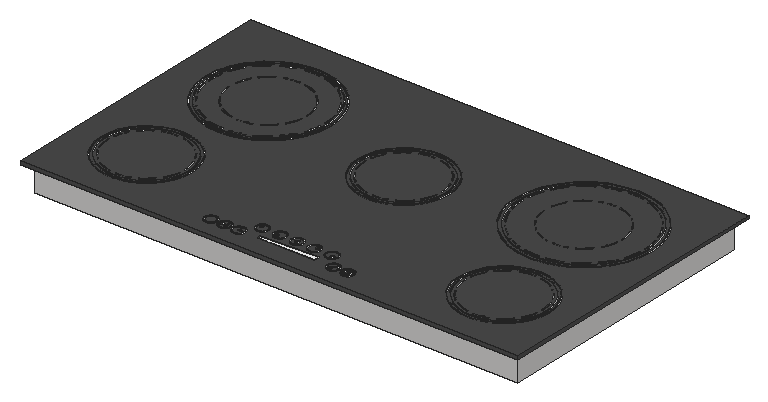
Revit family "QF_Summit_CR5B36T9B_Electric Cooktop", category Specialty Equipment, Revit 2020 (continued)
Forms (in)
  Extrusion 2, solid, material "QF_Plastic_White_Smooth"
    sketch origin (-1.19104, -180, 1.88) x (-1, 0, 0) y (0, -1, 0)
      loop
        line (-34.29842, -171.95371) -> (-34.32775, -171.94291)
        arc (-34.32775, -171.94291) -> (-34.4786, -172.44171) -> (-34.56954, -172.95482) r 4.40804
        line (-34.56954, -172.95482) -> (-34.5385, -172.95844)
        arc (-34.5385, -172.95844) -> (-34.44821, -172.44897) -> (-34.29842, -171.95371) r 4.37679
      loop
        line (-34.14463, -171.51637) -> (-34.1166, -171.53019)
        arc (-34.1166, -171.53019) -> (-33.85007, -171.0642) -> (-33.5285, -170.63435) r 4.37679
        line (-33.5285, -170.63435) -> (-33.55067, -170.61218)
        arc (-33.55067, -170.61218) -> (-33.87549, -171.04598) -> (-34.14463, -171.51637) r 4.40804
      loop
        line (-33.22787, -170.27088) -> (-33.20577, -170.29298)
        arc (-33.20577, -170.29298) -> (-32.80673, -169.9568) -> (-32.37053, -169.67049) r 4.37679
        line (-32.37053, -169.67049) -> (-32.38609, -169.64339)
        arc (-32.38609, -169.64339) -> (-32.82573, -169.93198) -> (-33.22787, -170.27088) r 4.40804
      loop
        line (-31.97301, -169.43426) -> (-31.96038, -169.46284)
        arc (-31.96038, -169.46284) -> (-31.46574, -169.27903) -> (-30.95258, -169.15608) r 4.37679
        line (-30.95258, -169.15608) -> (-30.95802, -169.12531)
        arc (-30.95802, -169.12531) -> (-31.47484, -169.24914) -> (-31.97301, -169.43426) r 4.40804
      loop
        line (-30.51017, -169.06966) -> (-30.51017, -169.101)
        arc (-30.51017, -169.101) -> (-29.96866, -169.09503) -> (-29.43056, -169.15597) r 4.37679
        line (-29.43056, -169.15597) -> (-29.42512, -169.1252)
        arc (-29.42512, -169.1252) -> (-29.96593, -169.06387) -> (-30.51017, -169.06966) r 4.40804
      loop
        line (-28.98266, -169.22703) -> (-28.99123, -169.25709)
        arc (-28.99123, -169.25709) -> (-28.49497, -169.43144) -> (-28.02322, -169.66406) r 4.37679
        line (-28.02322, -169.66406) -> (-28.00774, -169.63691)
        arc (-28.00774, -169.63691) -> (-28.48286, -169.40263) -> (-28.98266, -169.22703) r 4.40804
      loop
        line (-27.61659, -169.88817) -> (-27.63484, -169.91354)
        arc (-27.63484, -169.91354) -> (-27.21679, -170.25541) -> (-26.84402, -170.64617) r 4.37679
        line (-26.84402, -170.64617) -> (-26.82184, -170.62399)
        arc (-26.82184, -170.62399) -> (-27.19653, -170.23158) -> (-27.61659, -169.88817) r 4.40804
      loop
        line (-26.07387, -171.98176) -> (-26.04447, -171.97116)
        arc (-26.04447, -171.97116) -> (-26.26009, -171.47198) -> (-26.53552, -171.00315) r 4.40804
        line (-26.53552, -171.00315) -> (-26.56143, -171.02061)
        arc (-26.56143, -171.02061) -> (-26.28795, -171.48612) -> (-26.07387, -171.98176) r 4.37679
      loop
        line (-27.84942, -174.84724) -> (-27.8225, -174.86311)
        arc (-27.8225, -174.86311) -> (-27.61447, -174.42672) -> (-27.48608, -173.96065) r 2.75
        line (-27.48608, -173.96065) -> (-27.51682, -173.95503)
        arc (-27.51682, -173.95503) -> (-27.64376, -174.41581) -> (-27.84942, -174.84724) r 2.71875
      loop
        line (-27.4778, -173.29661) -> (-27.44649, -173.29661)
        arc (-27.44649, -173.29661) -> (-27.49762, -172.91224) -> (-27.6023, -172.53889) r 2.75
        line (-27.6023, -172.53889) -> (-27.63172, -172.54942)
        arc (-27.63172, -172.54942) -> (-27.52842, -172.91759) -> (-27.4778, -173.29661) r 2.71875
      loop
        line (-28.43483, -171.35015) -> (-28.45479, -171.37419)
        arc (-28.45479, -171.37419) -> (-28.10347, -171.72467) -> (-27.82171, -172.13316) r 2.71875
        line (-27.82171, -172.13316) -> (-27.79448, -172.11784)
        arc (-27.79448, -172.11784) -> (-28.07948, -171.70465) -> (-28.43483, -171.35015) r 2.75
      loop
        line (-29.71864, -170.75707) -> (-29.72401, -170.78785)
        arc (-29.72401, -170.78785) -> (-29.24876, -170.91599) -> (-28.80441, -171.12772) r 2.71875
        line (-28.80441, -171.12772) -> (-28.78847, -171.10084)
        arc (-28.78847, -171.10084) -> (-29.23793, -170.88668) -> (-29.71864, -170.75707) r 2.75
      loop
        line (-31.13091, -170.88167) -> (-31.12024, -170.91104)
        arc (-31.12024, -170.91104) -> (-30.65344, -170.78698) -> (-30.17205, -170.74747) r 2.71875
        line (-30.17205, -170.74747) -> (-30.17205, -170.71622)
        arc (-30.17205, -170.71622) -> (-30.65886, -170.7562) -> (-31.13091, -170.88167) r 2.75
      loop
        line (-32.29968, -171.70063) -> (-32.27749, -171.72282)
        arc (-32.27749, -171.72282) -> (-31.93612, -171.3812) -> (-31.53969, -171.10537) r 2.71875
        line (-31.53969, -171.10537) -> (-31.55519, -171.07823)
        arc (-31.55519, -171.07823) -> (-31.95511, -171.35633) -> (-32.29968, -171.70063) r 2.75
      loop
        line (-32.90442, -173.01756) -> (-32.87359, -173.02266)
        arc (-32.87359, -173.02266) -> (-32.74865, -172.54348) -> (-32.53888, -172.09492) r 2.71875
        line (-32.53888, -172.09492) -> (-32.56586, -172.07916)
        arc (-32.56586, -172.07916) -> (-32.77805, -172.53288) -> (-32.90442, -173.01756) r 2.75
      loop
        line (-32.76418, -174.43702) -> (-32.73494, -174.42599)
        arc (-32.73494, -174.42599) -> (-32.86588, -173.95399) -> (-32.91001, -173.46615) r 2.71875
        line (-32.91001, -173.46615) -> (-32.94126, -173.46615)
        arc (-32.94126, -173.46615) -> (-32.89662, -173.95959) -> (-32.76418, -174.43702) r 2.75
      loop
        line (-31.91687, -175.60736) -> (-31.89726, -175.58302)
        arc (-31.89726, -175.58302) -> (-32.26827, -175.22046) -> (-32.56367, -174.79404) r 2.71875
        line (-32.56367, -174.79404) -> (-32.59093, -174.8093)
        arc (-32.59093, -174.8093) -> (-32.29214, -175.24063) -> (-31.91687, -175.60736) r 2.75
      loop
        line (-30.64157, -176.17903) -> (-30.63645, -176.1482)
        arc (-30.63645, -176.1482) -> (-31.11903, -176.0217) -> (-31.57036, -175.80916) r 2.71875
        line (-31.57036, -175.80916) -> (-31.58621, -175.83609)
        arc (-31.58621, -175.83609) -> (-31.12969, -176.05108) -> (-30.64157, -176.17903) r 2.75
      loop
        line (-30.2544, -176.18417) -> (-30.2544, -176.21543)
        arc (-30.2544, -176.21543) -> (-29.734, -176.17787) -> (-29.23006, -176.0427) r 2.75
        line (-29.23006, -176.0427) -> (-29.24098, -176.01342)
        arc (-29.24098, -176.01342) -> (-29.73955, -176.14712) -> (-30.2544, -176.18417) r 2.71875
      loop
        line (-28.84114, -175.82598) -> (-28.82562, -175.85311)
        arc (-28.82562, -175.85311) -> (-28.41873, -175.56869) -> (-28.06961, -175.21576) r 2.75
        line (-28.06961, -175.21576) -> (-28.09372, -175.19587)
        arc (-28.09372, -175.19587) -> (-28.43887, -175.5448) -> (-28.84114, -175.82598) r 2.71875
      loop
        circle (-31.68887, -164.48395) r 3.25
      loop
        circle (-31.68887, -164.48395) r 3.1875
      loop
        circle (-31.68887, -164.48395) r 3.01918
      loop
        circle (-31.68887, -164.48395) r 2.98793
      loop
        line (-33.45979, -166.62178) -> (-33.43759, -166.59958)
        arc (-33.43759, -166.59958) -> (-33.7956, -166.24339) -> (-34.08229, -165.82764) r 2.7448
        line (-34.08229, -165.82764) -> (-34.10954, -165.84294)
        arc (-34.10954, -165.84294) -> (-33.82054, -166.26228) -> (-33.45979, -166.62178) r 2.77605
      loop
        line (-34.3044, -165.41426) -> (-34.27495, -165.40379)
        arc (-34.27495, -165.40379) -> (-34.3954, -164.9407) -> (-34.4336, -164.46374) r 2.7448
        line (-34.4336, -164.46374) -> (-34.46485, -164.46374)
        arc (-34.46485, -164.46374) -> (-34.4262, -164.94602) -> (-34.3044, -165.41426) r 2.77605
      loop
        line (-34.4247, -164.01308) -> (-34.3939, -164.01838)
        arc (-34.3939, -164.01838) -> (-34.26734, -163.54298) -> (-34.05795, -163.0978) r 2.7448
        line (-34.05795, -163.0978) -> (-34.08492, -163.08202)
        arc (-34.08492, -163.08202) -> (-34.29669, -163.53226) -> (-34.4247, -164.01308) r 2.77605
      loop
        line (-33.81692, -162.70129) -> (-33.79473, -162.72347)
        arc (-33.79473, -162.72347) -> (-33.45702, -162.38453) -> (-33.06559, -162.10938) r 2.7448
        line (-33.06559, -162.10938) -> (-33.08126, -162.08235)
        arc (-33.08126, -162.08235) -> (-33.47609, -162.35973) -> (-33.81692, -162.70129) r 2.77605
      loop
        line (-32.65426, -161.88117) -> (-32.64339, -161.91047)
        arc (-32.64339, -161.91047) -> (-32.17903, -161.78327) -> (-31.69958, -161.73917) r 2.7448
        line (-31.69958, -161.73917) -> (-31.69958, -161.70792)
        arc (-31.69958, -161.70792) -> (-32.18455, -161.75251) -> (-32.65426, -161.88117) r 2.77605
      loop
        line (-31.26531, -161.7404) -> (-31.27007, -161.77129)
        arc (-31.27007, -161.77129) -> (-30.75927, -161.90136) -> (-30.28276, -162.12667) r 2.7448
        line (-30.28276, -162.12667) -> (-30.26675, -162.09983)
        arc (-30.26675, -162.09983) -> (-30.74869, -161.87195) -> (-31.26531, -161.7404) r 2.77605
      loop
        line (-29.9236, -162.34145) -> (-29.9458, -162.36365)
        arc (-29.9458, -162.36365) -> (-29.5836, -162.72277) -> (-29.29409, -163.14269) r 2.7448
        line (-29.29409, -163.14269) -> (-29.26682, -163.12742)
        arc (-29.26682, -163.12742) -> (-29.55865, -162.70389) -> (-29.9236, -162.34145) r 2.77605
      loop
        line (-29.08193, -163.52983) -> (-29.11128, -163.54057)
        arc (-29.11128, -163.54057) -> (-28.98314, -164.02247) -> (-28.9443, -164.51959) r 2.7448
        line (-28.9443, -164.51959) -> (-28.91304, -164.51959)
        arc (-28.91304, -164.51959) -> (-28.95237, -164.01701) -> (-29.08193, -163.52983) r 2.77605
      loop
        line (-28.95269, -164.95278) -> (-28.98349, -164.9475)
        arc (-28.98349, -164.9475) -> (-29.11133, -165.42749) -> (-29.32359, -165.87657) r 2.7448
        line (-29.32359, -165.87657) -> (-29.29666, -165.89243)
        arc (-29.29666, -165.89243) -> (-29.08199, -165.43823) -> (-28.95269, -164.95278) r 2.77605
      loop
        line (-29.553, -166.25724) -> (-29.57705, -166.23728)
        arc (-29.57705, -166.23728) -> (-29.91323, -166.57705) -> (-30.30327, -166.85335) r 2.7448
        line (-30.30327, -166.85335) -> (-30.28749, -166.88033)
        arc (-30.28749, -166.88033) -> (-29.89302, -166.60088) -> (-29.553, -166.25724) r 2.77605
      loop
        line (-30.72993, -167.08912) -> (-30.74072, -167.05979)
        arc (-30.74072, -167.05979) -> (-31.22208, -167.18877) -> (-31.71881, -167.22859) r 2.7448
        line (-31.71881, -167.22859) -> (-31.71881, -167.25984)
        arc (-31.71881, -167.25984) -> (-31.21659, -167.21954) -> (-30.72993, -167.08912) r 2.77605
      loop
        line (-32.18967, -167.21446) -> (-32.18403, -167.18372)
        arc (-32.18403, -167.18372) -> (-32.64659, -167.05625) -> (-33.07988, -166.85018) r 2.7448
        line (-33.07988, -166.85018) -> (-33.09571, -166.87712)
        arc (-33.09571, -166.87712) -> (-32.65749, -167.08554) -> (-32.18967, -167.21446) r 2.77605
    from 0 to 0.25
  Extrusion 3, solid, material "QF_Metal_Stainless_Polished"
    sketch origin (-2.73972, -180, 0) x (0, -1, 0) y (-1, 0, 0)
      loop
        line (-160.1875, -3.30222) -> (-179.3125, -3.30222) -> (-179.3125, -37.67722) -> (-160.1875, -37.67722) -> (-160.1875, -3.30222)
    from 0 to -0.0625
  Extrusion 4, solid, material "QF_Metal_Stainless_Polished"
    sketch origin (-10.25014, 0, 0) x (1, 0, 0) y (0, 1, 0)
      loop
        circle (28.00014, -0.98525) r 0.125
    from 0 to -1
  Extrusion 5, solid, material "QF_Metal_Stainless_Polished"
    sketch origin (-2.73972, -180, -0.12) x (-1, 0, 0) y (0, -1, 0)
      loop
        line (-3.23972, -179.375) -> (-3.23972, -160.125) -> (-37.73972, -160.125) -> (-37.73972, -179.375) -> (-3.23972, -179.375)
      loop
        line (-3.30222, -160.1875) -> (-37.67722, -160.1875) -> (-37.67722, -179.3125) -> (-3.30222, -179.3125) -> (-3.30222, -160.1875)
    from 0.12 to 2
  Extrusion 6, solid, material "QF_Plastic_White_Smooth"
    sketch origin (1.30896, -180, 1.88) x (-1, 0, 0) y (0, -1, 0)
      loop
        circle (-13.95721, -161.9833) r 0.42869
      loop
        circle (-13.95721, -161.9833) r 0.39744
      loop
        circle (-13.79616, -162.14539) r 0.13534
      loop
        circle (-15.06049, -161.82122) r 0.13534
      loop
        circle (-15.22154, -161.9833) r 0.39744
      loop
        circle (-15.22154, -161.9833) r 0.42869
      loop
        circle (-16.44104, -161.9833) r 0.42869
      loop
        circle (-16.44104, -161.9833) r 0.39744
      loop
        circle (-16.44104, -161.9833) r 0.13534
      loop
        circle (-17.66053, -161.9833) r 0.42869
      loop
        circle (-17.66053, -161.9833) r 0.39744
      loop
        circle (-17.82159, -162.14539) r 0.13534
      loop
        circle (-18.92486, -161.9833) r 0.42869
      loop
        circle (-18.92486, -161.9833) r 0.39744
      loop
        circle (-19.08592, -161.82122) r 0.13534
      loop
        circle (-11.08853, -160.98371) r 0.42869
      loop
        circle (-11.08853, -160.98371) r 0.36619
      loop
        circle (-12.08853, -160.98371) r 0.42869
      loop
        circle (-12.08853, -160.98371) r 0.39744
      loop
        line (-11.85436, -161.13767) -> (-11.85436, -160.86031) -> (-12.10455, -160.99899) -> (-11.85436, -161.13767)
      loop
        line (-12.13068, -160.81214) -> (-12.25929, -160.81214) -> (-12.25929, -161.18585) -> (-12.13068, -161.18585) -> (-12.13068, -160.81214)
      loop
        circle (-13.08271, -160.98371) r 0.42869
      loop
        circle (-13.08271, -160.98371) r 0.39744
      loop
        line (-13.03142, -160.93163) -> (-13.41011, -160.9984) -> (-13.10095, -161.02545) -> (-13.06514, -161.31706) -> (-13.03142, -160.93163)
      loop
        line (-18.48473, -160.96725) -> (-18.48473, -161.38465) -> (-14.45404, -161.18247) -> (-14.45404, -160.96725) -> (-18.48473, -160.96725)
      loop
        circle (-19.82362, -160.98371) r 0.42869
      loop
        circle (-19.82362, -160.98371) r 0.39744
      loop
        line (-19.58326, -160.78859) -> (-19.62729, -160.74456) -> (-19.98911, -161.10638)
        arc (-19.98911, -161.10638) -> (-20.06415, -161.22545) -> (-19.94508, -161.15041) r 0.07216
        line (-19.94508, -161.15041) -> (-19.58326, -160.78859)
      loop
        circle (-20.84679, -160.98371) r 0.42869
      loop
        circle (-20.84679, -160.98371) r 0.36619
      loop
        line (-20.89244, -161.2295) -> (-20.89244, -161.31685) -> (-20.80114, -161.31685) -> (-20.80114, -161.2295)
        arc (-20.80114, -161.2295) -> (-20.84679, -160.73371) -> (-20.89244, -161.2295) r 0.25
      loop
        arc (-20.80114, -161.16556) -> (-20.84679, -160.79621) -> (-20.89244, -161.16556) r 0.1875
        line (-20.89244, -161.16556) -> (-20.89244, -161.03933) -> (-20.80114, -161.03933) -> (-20.80114, -161.16556)
    from 0 to 0.25
Lines and regions (in)
  symbolic lines
    curve 1: line (0, 0, 0) -> (0, -20.5, 0)
    curve 2: line (0, -20.5, 0) -> (35.5, -20.5, 0)
    curve 3: line (35.5, -20.5, 0) -> (35.5, 0, 0)
    curve 4: line (35.5, 0, 0) -> (0, 0, 0)
    curve 5: arc (11.01626, -6.53385, 0) -> (6.51626, -2.03385, 0) -> (2.01626, -6.53385, 0) r 4.5
    curve 6: arc (2.01626, -6.53385, 0) -> (6.51626, -11.03385, 0) -> (11.01626, -6.53385, 0) r 4.5
    curve 7: arc (2.07876, -6.53385, 0) -> (6.51626, -2.09635, 0) -> (10.95376, -6.53385, 0) r 4.4375
    curve 8: arc (10.95376, -6.53385, 0) -> (6.51626, -10.97135, 0) -> (2.07876, -6.53385, 0) r 4.4375
    curve 9: arc (10.76626, -6.53385, 0) -> (6.51626, -2.28385, 0) -> (2.26626, -6.53385, 0) r 4.25
    curve 10: arc (2.26626, -6.53385, 0) -> (6.51626, -10.78385, 0) -> (10.76626, -6.53385, 0) r 4.25
    curve 11: arc (2.29751, -6.53385, 0) -> (6.51626, -2.3151, 0) -> (10.73501, -6.53385, 0) r 4.21875
    curve 12: arc (10.73501, -6.53385, 0) -> (6.51626, -10.7526, 0) -> (2.29751, -6.53385, 0) r 4.21875
    curve 13: arc (2.53772, -5.72825, 0) -> (2.46648, -6.25623, 0) -> (2.465, -6.789, 0) r 4.05928
    curve 14: line (2.465, -6.789, 0) -> (2.49632, -6.789, 0)
    curve 15: arc (2.49632, -6.789, 0) -> (2.49759, -6.25935, 0) -> (2.56835, -5.73445, 0) r 4.02803
    curve 16: line (2.56835, -5.73445, 0) -> (2.53772, -5.72825, 0)
    curve 17: arc (3.08784, -4.36044, 0) -> (2.84084, -4.81075, 0) -> (2.65268, -5.28863, 0) r 4.05928
    curve 18: line (2.65268, -5.28863, 0) -> (2.68243, -5.29822, 0)
    curve 19: arc (2.68243, -5.29822, 0) -> (2.86914, -4.82401, 0) -> (3.11423, -4.37718, 0) r 4.02803
    curve 20: line (3.11423, -4.37718, 0) -> (3.08784, -4.36044, 0)
    curve 21: arc (4.10168, -3.27079, 0) -> (3.7, -3.61042, 0) -> (3.34562, -3.99913, 0) r 4.05928
    curve 22: line (3.34562, -3.99913, 0) -> (3.37003, -4.01864, 0)
    curve 23: arc (3.37003, -4.01864, 0) -> (3.72168, -3.63292, 0) -> (4.12026, -3.29591, 0) r 4.02803
    curve 24: line (4.12026, -3.29591, 0) -> (4.10168, -3.27079, 0)
    curve 25: arc (5.42585, -2.62376, 0) -> (4.95181, -2.78815, 0) -> (4.50167, -3.00976, 0) r 4.05928
    curve 26: line (4.50167, -3.00976, 0) -> (4.51718, -3.03689, 0)
    curve 27: arc (4.51718, -3.03689, 0) -> (4.96385, -2.81698, 0) -> (5.43424, -2.65386, 0) r 4.02803
    curve 28: line (5.43424, -2.65386, 0) -> (5.42585, -2.62376, 0)
    curve 29: arc (6.95951, -2.49884, 0) -> (6.42983, -2.47549, 0) -> (5.90163, -2.52137, 0) r 4.05928
    curve 30: line (5.90163, -2.52137, 0) -> (5.90636, -2.55226, 0)
    curve 31: arc (5.90636, -2.55226, 0) -> (6.4305, -2.50673, 0) -> (6.95609, -2.5299, 0) r 4.02803
    curve 32: line (6.95609, -2.5299, 0) -> (6.95951, -2.49884, 0)
    curve 33: arc (8.37739, -2.92636, 0) -> (7.88818, -2.71343, 0) -> (7.37527, -2.5665, 0) r 4.05928
    curve 34: line (7.37527, -2.5665, 0) -> (7.36866, -2.59704, 0)
    curve 35: arc (7.36866, -2.59704, 0) -> (7.87762, -2.74284, 0) -> (8.36306, -2.95414, 0) r 4.02803
    curve 36: line (8.36306, -2.95414, 0) -> (8.37739, -2.92636, 0)
    curve 37: arc (8.76572, -3.19245, 0) -> (9.14951, -3.48573, 0) -> (9.49543, -3.82284, 0) r 4.02803
    curve 38: line (9.49543, -3.82284, 0) -> (9.51755, -3.80072, 0)
    curve 39: arc (9.51755, -3.80072, 0) -> (9.16938, -3.4616, 0) -> (8.78317, -3.16653, 0) r 4.05928
    curve 40: line (8.78317, -3.16653, 0) -> (8.76572, -3.19245, 0)
    curve 41: arc (9.78929, -4.18602, 0) -> (10.06221, -4.62302, 0) -> (10.27711, -5.09129, 0) r 4.02803
    curve 42: line (10.27711, -5.09129, 0) -> (10.30629, -5.0801, 0)
    curve 43: arc (10.30629, -5.0801, 0) -> (10.08972, -4.6082, 0) -> (9.81468, -4.16781, 0) r 4.05928
    curve 44: line (9.81468, -4.16781, 0) -> (9.78929, -4.18602, 0)
    curve 45: arc (10.4182, -5.53391, 0) -> (10.51264, -6.02992, 0) -> (10.54428, -6.53385, 0) r 4.02803
    curve 46: line (10.54428, -6.53385, 0) -> (10.57553, -6.53385, 0)
    curve 47: arc (10.57553, -6.53385, 0) -> (10.54364, -6.02601, 0) -> (10.44847, -5.52616, 0) r 4.05928
    curve 48: line (10.44847, -5.52616, 0) -> (10.4182, -5.53391, 0)
    curve 49: arc (10.51925, -6.98227, 0) -> (10.42794, -7.49495, 0) -> (10.27127, -7.99156, 0) r 4.02803
    curve 50: line (10.27127, -7.99156, 0) -> (10.3004, -8.00287, 0)
    curve 51: arc (10.3004, -8.00287, 0) -> (10.45829, -7.5024, 0) -> (10.5503, -6.98575, 0) r 4.05928
    curve 52: line (10.5503, -6.98575, 0) -> (10.51925, -6.98227, 0)
    curve 53: arc (9.51376, -9.27113, 0) -> (9.83283, -8.87438, 0) -> (10.09972, -8.44081, 0) r 4.05928
    curve 54: line (10.09972, -8.44081, 0) -> (10.07214, -8.42613, 0)
    curve 55: arc (10.07214, -8.42613, 0) -> (9.80771, -8.85578, 0) -> (9.49164, -9.24901, 0) r 4.02803
    curve 56: line (9.49164, -9.24901, 0) -> (9.51376, -9.27113, 0)
    curve 57: arc (8.33296, -10.16391, 0) -> (8.77459, -9.90693, 0) -> (9.18044, -9.59651, 0) r 4.05928
    curve 58: line (9.18044, -9.59651, 0) -> (9.15829, -9.57435, 0)
    curve 59: arc (9.15829, -9.57435, 0) -> (8.7563, -9.88156, 0) -> (8.31898, -10.13596, 0) r 4.02803
    curve 60: line (8.31898, -10.13596, 0) -> (8.33296, -10.16391, 0)
    curve 61: arc (6.89055, -10.57583, 0) -> (7.42845, -10.4893, 0) -> (7.94992, -10.33153, 0) r 4.05928
    curve 62: line (7.94992, -10.33153, 0) -> (7.93888, -10.30229, 0)
    curve 63: arc (7.93888, -10.30229, 0) -> (7.42143, -10.45885, 0) -> (6.88767, -10.54472, 0) r 4.02803
    curve 64: line (6.88767, -10.54472, 0) -> (6.89055, -10.57583, 0)
    curve 65: arc (5.39894, -10.43633, 0) -> (5.92814, -10.5503, 0) -> (6.46781, -10.59284, 0) r 4.05928
    curve 66: line (6.46781, -10.59284, 0) -> (6.46781, -10.56159, 0)
    curve 67: arc (6.46781, -10.56159, 0) -> (5.93249, -10.51935, 0) -> (5.40754, -10.40628, 0) r 4.02803
    curve 68: line (5.40754, -10.40628, 0) -> (5.39894, -10.43633, 0)
    curve 69: arc (4.08209, -9.78232, 0) -> (4.52297, -10.07003, 0) -> (4.99737, -10.29825, 0) r 4.05928
    curve 70: line (4.99737, -10.29825, 0) -> (5.00906, -10.26927, 0)
    curve 71: arc (5.00906, -10.26927, 0) -> (4.53831, -10.0428, 0) -> (4.10083, -9.75732, 0) r 4.02803
    curve 72: line (4.10083, -9.75732, 0) -> (4.08209, -9.78232, 0)
    curve 73: arc (3.0625, -8.66675, 0) -> (3.36332, -9.09055, 0) -> (3.71582, -9.47244, 0) r 4.05928
    curve 74: line (3.71582, -9.47244, 0) -> (3.73793, -9.45034, 0)
    curve 75: arc (3.73793, -9.45034, 0) -> (3.38783, -9.07116, 0) -> (3.08908, -8.65033, 0) r 4.02803
    curve 76: line (3.08908, -8.65033, 0) -> (3.0625, -8.66675, 0)
    curve 77: arc (2.52716, -7.28543, 0) -> (2.6538, -7.78252, 0) -> (2.84212, -8.25968, 0) r 4.05928
    curve 78: line (2.84212, -8.25968, 0) -> (2.87041, -8.24639, 0)
    curve 79: arc (2.87041, -8.24639, 0) -> (2.68354, -7.77291, 0) -> (2.55787, -7.27964, 0) r 4.02803
    curve 80: line (2.55787, -7.27964, 0) -> (2.52716, -7.28543, 0)
    curve 81: arc (4.1475, -5.13689, 0) -> (3.93947, -5.57328, 0) -> (3.81108, -6.03935, 0) r 2.75
    curve 82: line (3.81108, -6.03935, 0) -> (3.84182, -6.04497, 0)
    curve 83: arc (3.84182, -6.04497, 0) -> (3.96876, -5.58419, 0) -> (4.17442, -5.15276, 0) r 2.71875
    curve 84: line (4.17442, -5.15276, 0) -> (4.1475, -5.13689, 0)
    curve 85: arc (5.15062, -4.14689, 0) -> (4.74373, -4.43131, 0) -> (4.39461, -4.78424, 0) r 2.75
    curve 86: line (4.39461, -4.78424, 0) -> (4.41872, -4.80413, 0)
    curve 87: arc (4.41872, -4.80413, 0) -> (4.76388, -4.4552, 0) -> (5.16614, -4.17402, 0) r 2.71875
    curve 88: line (5.16614, -4.17402, 0) -> (5.15062, -4.14689, 0)
    curve 89: arc (5.56598, -3.98658, 0) -> (6.06455, -3.85288, 0) -> (6.5794, -3.81583, 0) r 2.71875
    curve 90: line (6.5794, -3.81583, 0) -> (6.5794, -3.78457, 0)
    curve 91: arc (6.5794, -3.78457, 0) -> (6.059, -3.82213, 0) -> (5.55506, -3.9573, 0) r 2.75
    curve 92: line (5.55506, -3.9573, 0) -> (5.56598, -3.98658, 0)
    curve 93: arc (6.96145, -3.8518, 0) -> (7.44403, -3.9783, 0) -> (7.89536, -4.19084, 0) r 2.71875
    curve 94: line (7.89536, -4.19084, 0) -> (7.91121, -4.16391, 0)
    curve 95: arc (7.91121, -4.16391, 0) -> (7.45469, -3.94892, 0) -> (6.96657, -3.82097, 0) r 2.75
    curve 96: line (6.96657, -3.82097, 0) -> (6.96145, -3.8518, 0)
    curve 97: arc (8.22226, -4.41698, 0) -> (8.59327, -4.77954, 0) -> (8.88867, -5.20596, 0) r 2.71875
    curve 98: line (8.88867, -5.20596, 0) -> (8.91593, -5.1907, 0)
    curve 99: arc (8.91593, -5.1907, 0) -> (8.61715, -4.75937, 0) -> (8.24187, -4.39264, 0) r 2.75
    curve 100: line (8.24187, -4.39264, 0) -> (8.22226, -4.41698, 0)
    curve 101: arc (9.05994, -5.57401, 0) -> (9.19088, -6.04601, 0) -> (9.23501, -6.53385, 0) r 2.71875
    curve 102: line (9.23501, -6.53385, 0) -> (9.26626, -6.53385, 0)
    curve 103: arc (9.26626, -6.53385, 0) -> (9.22162, -6.04041, 0) -> (9.08918, -5.56298, 0) r 2.75
    curve 104: line (9.08918, -5.56298, 0) -> (9.05994, -5.57401, 0)
    curve 105: arc (8.89086, -7.92084, 0) -> (9.10305, -7.46712, 0) -> (9.22942, -6.98244, 0) r 2.75
    curve 106: line (9.22942, -6.98244, 0) -> (9.19859, -6.97734, 0)
    curve 107: arc (9.19859, -6.97734, 0) -> (9.07365, -7.45652, 0) -> (8.86388, -7.90508, 0) r 2.71875
    curve 108: line (8.86388, -7.90508, 0) -> (8.89086, -7.92084, 0)
    curve 109: arc (7.88019, -8.92177, 0) -> (8.28011, -8.64367, 0) -> (8.62468, -8.29937, 0) r 2.75
    curve 110: line (8.62468, -8.29937, 0) -> (8.60249, -8.27718, 0)
    curve 111: arc (8.60249, -8.27718, 0) -> (8.26112, -8.6188, 0) -> (7.86469, -8.89463, 0) r 2.71875
    curve 112: line (7.86469, -8.89463, 0) -> (7.88019, -8.92177, 0)
    curve 113: arc (6.49705, -9.28378, 0) -> (6.98386, -9.2438, 0) -> (7.45592, -9.11833, 0) r 2.75
    curve 114: line (7.45592, -9.11833, 0) -> (7.44524, -9.08896, 0)
    curve 115: arc (7.44524, -9.08896, 0) -> (6.97844, -9.21302, 0) -> (6.49705, -9.25253, 0) r 2.71875
    curve 116: line (6.49705, -9.25253, 0) -> (6.49705, -9.28378, 0)
    curve 117: arc (5.11347, -8.89916, 0) -> (5.56293, -9.11332, 0) -> (6.04364, -9.24293, 0) r 2.75
    curve 118: line (6.04364, -9.24293, 0) -> (6.04901, -9.21215, 0)
    curve 119: arc (6.04901, -9.21215, 0) -> (5.57376, -9.08401, 0) -> (5.12941, -8.87228, 0) r 2.71875
    curve 120: line (5.12941, -8.87228, 0) -> (5.11347, -8.89916, 0)
    curve 121: arc (4.11948, -7.88216, 0) -> (4.40448, -8.29535, 0) -> (4.75983, -8.64985, 0) r 2.75
    curve 122: line (4.75983, -8.64985, 0) -> (4.77979, -8.62581, 0)
    curve 123: arc (4.77979, -8.62581, 0) -> (4.42847, -8.27533, 0) -> (4.14671, -7.86684, 0) r 2.71875
    curve 124: line (4.14671, -7.86684, 0) -> (4.11948, -7.88216, 0)
    curve 125: arc (3.77149, -6.70339, 0) -> (3.82262, -7.08776, 0) -> (3.9273, -7.46111, 0) r 2.75
    curve 126: line (3.9273, -7.46111, 0) -> (3.95672, -7.45058, 0)
    curve 127: arc (3.95672, -7.45058, 0) -> (3.85342, -7.08241, 0) -> (3.8028, -6.70339, 0) r 2.71875
    curve 128: line (3.8028, -6.70339, 0) -> (3.77149, -6.70339, 0)
    curve 129: arc (8.2563, -15.51605, 0) -> (5.0063, -12.26605, 0) -> (1.7563, -15.51605, 0) r 3.25
    curve 130: arc (1.7563, -15.51605, 0) -> (5.0063, -18.76605, 0) -> (8.2563, -15.51605, 0) r 3.25
    curve 131: arc (1.8188, -15.51605, 0) -> (5.0063, -12.32855, 0) -> (8.1938, -15.51605, 0) r 3.1875
    curve 132: arc (8.1938, -15.51605, 0) -> (5.0063, -18.70355, 0) -> (1.8188, -15.51605, 0) r 3.1875
    curve 133: arc (8.02548, -15.51605, 0) -> (5.0063, -12.49687, 0) -> (1.98712, -15.51605, 0) r 3.01918
    curve 134: arc (1.98712, -15.51605, 0) -> (5.0063, -18.53523, 0) -> (8.02548, -15.51605, 0) r 3.01918
    curve 135: arc (2.01837, -15.51605, 0) -> (5.0063, -12.52812, 0) -> (7.99423, -15.51605, 0) r 2.98793
    curve 136: arc (7.99423, -15.51605, 0) -> (5.0063, -18.50398, 0) -> (2.01837, -15.51605, 0) r 2.98793
    curve 137: arc (2.61409, -14.10757, 0) -> (2.39942, -14.56177, 0) -> (2.27012, -15.04722, 0) r 2.77605
    curve 138: line (2.27012, -15.04722, 0) -> (2.30092, -15.0525, 0)
    curve 139: arc (2.30092, -15.0525, 0) -> (2.42876, -14.57251, 0) -> (2.64102, -14.12343, 0) r 2.7448
    curve 140: line (2.64102, -14.12343, 0) -> (2.61409, -14.10757, 0)
    curve 141: arc (2.23047, -15.48041, 0) -> (2.2698, -15.98299, 0) -> (2.39936, -16.47017, 0) r 2.77605
    curve 142: line (2.39936, -16.47017, 0) -> (2.42871, -16.45943, 0)
    curve 143: arc (2.42871, -16.45943, 0) -> (2.30057, -15.97753, 0) -> (2.26173, -15.48041, 0) r 2.7448
    curve 144: line (2.26173, -15.48041, 0) -> (2.23047, -15.48041, 0)
    curve 145: arc (2.58425, -16.87258, 0) -> (2.87608, -17.29611, 0) -> (3.24103, -17.65855, 0) r 2.77605
    curve 146: line (3.24103, -17.65855, 0) -> (3.26323, -17.63635, 0)
    curve 147: arc (3.26323, -17.63635, 0) -> (2.90103, -17.27723, 0) -> (2.61152, -16.85731, 0) r 2.7448
    curve 148: line (2.61152, -16.85731, 0) -> (2.58425, -16.87258, 0)
    curve 149: arc (3.58418, -17.90017, 0) -> (4.06612, -18.12805, 0) -> (4.58274, -18.2596, 0) r 2.77605
    curve 150: line (4.58274, -18.2596, 0) -> (4.5875, -18.22871, 0)
    curve 151: arc (4.5875, -18.22871, 0) -> (4.0767, -18.09864, 0) -> (3.60019, -17.87333, 0) r 2.7448
    curve 152: line (3.60019, -17.87333, 0) -> (3.58418, -17.90017, 0)
    curve 153: arc (5.01701, -18.29208, 0) -> (5.50198, -18.24749, 0) -> (5.97169, -18.11883, 0) r 2.77605
    curve 154: line (5.97169, -18.11883, 0) -> (5.96082, -18.08953, 0)
    curve 155: arc (5.96082, -18.08953, 0) -> (5.49646, -18.21673, 0) -> (5.01701, -18.26083, 0) r 2.7448
    curve 156: line (5.01701, -18.26083, 0) -> (5.01701, -18.29208, 0)
    curve 157: arc (6.39869, -17.91765, 0) -> (6.79352, -17.64027, 0) -> (7.13434, -17.29871, 0) r 2.77605
    curve 158: line (7.13434, -17.29871, 0) -> (7.11216, -17.27653, 0)
    curve 159: arc (7.11216, -17.27653, 0) -> (6.77445, -17.61547, 0) -> (6.38302, -17.89062, 0) r 2.7448
    curve 160: line (6.38302, -17.89062, 0) -> (6.39869, -17.91765, 0)
    curve 161: arc (7.40235, -16.91798, 0) -> (7.61412, -16.46774, 0) -> (7.74212, -15.98692, 0) r 2.77605
    curve 162: line (7.74212, -15.98692, 0) -> (7.71133, -15.98162, 0)
    curve 163: arc (7.71133, -15.98162, 0) -> (7.58477, -16.45702, 0) -> (7.37538, -16.9022, 0) r 2.7448
    curve 164: line (7.37538, -16.9022, 0) -> (7.40235, -16.91798, 0)
    curve 165: arc (7.78228, -15.53626, 0) -> (7.74363, -15.05398, 0) -> (7.62183, -14.58574, 0) r 2.77605
    curve 166: line (7.62183, -14.58574, 0) -> (7.59238, -14.59621, 0)
    curve 167: arc (7.59238, -14.59621, 0) -> (7.71283, -15.0593, 0) -> (7.75103, -15.53626, 0) r 2.7448
    curve 168: line (7.75103, -15.53626, 0) -> (7.78228, -15.53626, 0)
    curve 169: arc (7.42697, -14.15706, 0) -> (7.13796, -13.73772, 0) -> (6.77722, -13.37822, 0) r 2.77605
    curve 170: line (6.77722, -13.37822, 0) -> (6.75502, -13.40042, 0)
    curve 171: arc (6.75502, -13.40042, 0) -> (7.11303, -13.75661, 0) -> (7.39972, -14.17236, 0) r 2.7448
    curve 172: line (7.39972, -14.17236, 0) -> (7.42697, -14.15706, 0)
    curve 173: arc (6.41314, -13.12288, 0) -> (5.97492, -12.91446, 0) -> (5.5071, -12.78554, 0) r 2.77605
    curve 174: line (5.5071, -12.78554, 0) -> (5.50146, -12.81628, 0)
    curve 175: arc (5.50146, -12.81628, 0) -> (5.96402, -12.94375, 0) -> (6.39731, -13.14982, 0) r 2.7448
    curve 176: line (6.39731, -13.14982, 0) -> (6.41314, -13.12288, 0)
    curve 177: arc (5.03624, -12.74016, 0) -> (4.53402, -12.78046, 0) -> (4.04736, -12.91088, 0) r 2.77605
    curve 178: line (4.04736, -12.91088, 0) -> (4.05815, -12.94021, 0)
    curve 179: arc (4.05815, -12.94021, 0) -> (4.5395, -12.81123, 0) -> (5.03624, -12.77141, 0) r 2.7448
    curve 180: line (5.03624, -12.77141, 0) -> (5.03624, -12.74016, 0)
    curve 181: arc (3.60492, -13.11967, 0) -> (3.21045, -13.39912, 0) -> (2.87043, -13.74276, 0) r 2.77605
    curve 182: line (2.87043, -13.74276, 0) -> (2.89448, -13.76272, 0)
    curve 183: arc (2.89448, -13.76272, 0) -> (3.23066, -13.42295, 0) -> (3.6207, -13.14665, 0) r 2.7448
    curve 184: line (3.6207, -13.14665, 0) -> (3.60492, -13.11967, 0)
    curve 185: arc (33.87522, -6.53385, 0) -> (29.00022, -1.65885, 0) -> (24.12522, -6.53385, 0) r 4.875
    curve 186: arc (24.12522, -6.53385, 0) -> (29.00022, -11.40885, 0) -> (33.87522, -6.53385, 0) r 4.875
    curve 187: arc (24.18772, -6.53385, 0) -> (29.00022, -1.72135, 0) -> (33.81272, -6.53385, 0) r 4.8125
    curve 188: arc (33.81272, -6.53385, 0) -> (29.00022, -11.34635, 0) -> (24.18772, -6.53385, 0) r 4.8125
    curve 189: arc (33.60338, -6.53385, 0) -> (29.00022, -1.93068, 0) -> (24.39705, -6.53385, 0) r 4.60317
    curve 190: arc (24.39705, -6.53385, 0) -> (29.00022, -11.13701, 0) -> (33.60338, -6.53385, 0) r 4.60317
    curve 191: arc (24.4283, -6.53385, 0) -> (29.00022, -1.96193, 0) -> (33.57213, -6.53385, 0) r 4.57192
    curve 192: arc (33.57213, -6.53385, 0) -> (29.00022, -11.10576, 0) -> (24.4283, -6.53385, 0) r 4.57192
    curve 193: arc (24.59227, -6.5052, 0) -> (24.62292, -7.05357, 0) -> (24.72153, -7.59386, 0) r 4.40804
    curve 194: line (24.72153, -7.59386, 0) -> (24.75186, -7.58635, 0)
    curve 195: arc (24.75186, -7.58635, 0) -> (24.65394, -7.04978, 0) -> (24.62352, -6.5052, 0) r 4.37679
    curve 196: line (24.62352, -6.5052, 0) -> (24.59227, -6.5052, 0)
    curve 197: arc (24.87297, -4.98574, 0) -> (24.71407, -5.5044, 0) -> (24.62008, -6.03864, 0) r 4.40804
    curve 198: line (24.62008, -6.03864, 0) -> (24.65113, -6.04215, 0)
    curve 199: arc (24.65113, -6.04215, 0) -> (24.74446, -5.51169, 0) -> (24.90223, -4.99671, 0) r 4.37679
    curve 200: line (24.90223, -4.99671, 0) -> (24.87297, -4.98574, 0)
    curve 201: arc (25.63399, -3.68792, 0) -> (25.31494, -4.11527, 0) -> (25.04983, -4.57802, 0) r 4.40804
    curve 202: line (25.04983, -4.57802, 0) -> (25.07784, -4.59189, 0)
    curve 203: arc (25.07784, -4.59189, 0) -> (25.34106, -4.13242, 0) -> (25.65785, -3.7081, 0) r 4.37679
    curve 204: line (25.65785, -3.7081, 0) -> (25.63399, -3.68792, 0)
    curve 205: arc (26.79895, -2.71478, 0) -> (26.36313, -3.00163, 0) -> (25.96425, -3.33796, 0) r 4.40804
    curve 206: line (25.96425, -3.33796, 0) -> (25.98635, -3.36007, 0)
    curve 207: arc (25.98635, -3.36007, 0) -> (26.38214, -3.02643, 0) -> (26.81456, -2.74186, 0) r 4.37679
    curve 208: line (26.81456, -2.74186, 0) -> (26.79895, -2.71478, 0)
    curve 209: arc (27.23668, -2.49395, 0) -> (27.73916, -2.31004, 0) -> (28.26021, -2.18837, 0) r 4.40804
    curve 210: line (28.26021, -2.18837, 0) -> (28.26546, -2.21917, 0)
    curve 211: arc (28.26546, -2.21917, 0) -> (27.7481, -2.33998, 0) -> (27.24919, -2.52259, 0) r 4.37679
    curve 212: line (27.24919, -2.52259, 0) -> (27.23668, -2.49395, 0)
    curve 213: arc (29.78766, -2.19671, 0) -> (29.25938, -2.13343, 0) -> (28.72732, -2.13426, 0) r 4.40804
    curve 214: line (28.72732, -2.13426, 0) -> (28.72926, -2.16545, 0)
    curve 215: arc (28.72926, -2.16545, 0) -> (29.25754, -2.16463, 0) -> (29.78208, -2.22746, 0) r 4.37679
    curve 216: line (29.78208, -2.22746, 0) -> (29.78766, -2.19671, 0)
    curve 217: arc (31.24282, -2.73891, 0) -> (30.75628, -2.4907, 0) -> (30.24279, -2.30456, 0) r 4.40804
    curve 218: line (30.24279, -2.30456, 0) -> (30.23398, -2.33455, 0)
    curve 219: arc (30.23398, -2.33455, 0) -> (30.74383, -2.51936, 0) -> (31.22692, -2.76581, 0) r 4.37679
    curve 220: line (31.22692, -2.76581, 0) -> (31.24282, -2.73891, 0)
    curve 221: arc (32.39387, -3.72067, 0) -> (32.01336, -3.31643, 0) -> (31.58507, -2.96322, 0) r 4.40804
    curve 222: line (31.58507, -2.96322, 0) -> (31.56269, -2.9856, 0)
    curve 223: arc (31.56269, -2.9856, 0) -> (31.99018, -3.33753, 0) -> (32.36981, -3.74061, 0) r 4.37679
    curve 224: line (32.36981, -3.74061, 0) -> (32.39387, -3.72067, 0)
    curve 225: arc (32.64144, -4.10531, 0) -> (32.91065, -4.56793, 0) -> (33.12138, -5.05995, 0) r 4.37679
    curve 226: line (33.12138, -5.05995, 0) -> (33.1508, -5.04943, 0)
    curve 227: arc (33.1508, -5.04943, 0) -> (32.93857, -4.55389, 0) -> (32.66744, -4.08797, 0) r 4.40804
    curve 228: line (32.66744, -4.08797, 0) -> (32.64144, -4.10531, 0)
    curve 229: arc (33.40823, -6.54923, 0) -> (33.37965, -6.03249, 0) -> (33.29071, -5.52265, 0) r 4.40804
    curve 230: line (33.29071, -5.52265, 0) -> (33.26029, -5.52982, 0)
    curve 231: arc (33.26029, -5.52982, 0) -> (33.34861, -6.03609, 0) -> (33.37698, -6.54923, 0) r 4.37679
    curve 232: line (33.37698, -6.54923, 0) -> (33.40823, -6.54923, 0)
    curve 233: arc (33.13671, -8.05709, 0) -> (33.28756, -7.55829, 0) -> (33.3785, -7.04518, 0) r 4.40804
    curve 234: line (33.3785, -7.04518, 0) -> (33.34746, -7.04156, 0)
    curve 235: arc (33.34746, -7.04156, 0) -> (33.25717, -7.55103, 0) -> (33.10739, -8.04629, 0) r 4.37679
    curve 236: line (33.10739, -8.04629, 0) -> (33.13671, -8.05709, 0)
    curve 237: arc (32.35963, -9.38782, 0) -> (32.68446, -8.95402, 0) -> (32.95359, -8.48363, 0) r 4.40804
    curve 238: line (32.95359, -8.48363, 0) -> (32.92557, -8.46981, 0)
    curve 239: arc (32.92557, -8.46981, 0) -> (32.65903, -8.9358, 0) -> (32.33746, -9.36565, 0) r 4.37679
    curve 240: line (32.33746, -9.36565, 0) -> (32.35963, -9.38782, 0)
    curve 241: arc (31.19505, -10.35661, 0) -> (31.63469, -10.06802, 0) -> (32.03684, -9.72912, 0) r 4.40804
    curve 242: line (32.03684, -9.72912, 0) -> (32.01473, -9.70702, 0)
    curve 243: arc (32.01473, -9.70702, 0) -> (31.6157, -10.0432, 0) -> (31.17949, -10.32951, 0) r 4.37679
    curve 244: line (31.17949, -10.32951, 0) -> (31.19505, -10.35661, 0)
    curve 245: arc (29.76698, -10.87469, 0) -> (30.28381, -10.75086, 0) -> (30.78197, -10.56574, 0) r 4.40804
    curve 246: line (30.78197, -10.56574, 0) -> (30.76934, -10.53716, 0)
    curve 247: arc (30.76934, -10.53716, 0) -> (30.27471, -10.72097, 0) -> (29.76154, -10.84392, 0) r 4.37679
    curve 248: line (29.76154, -10.84392, 0) -> (29.76698, -10.87469, 0)
    curve 249: arc (28.23409, -10.8748, 0) -> (28.77489, -10.93613, 0) -> (29.31913, -10.93034, 0) r 4.40804
    curve 250: line (29.31913, -10.93034, 0) -> (29.31913, -10.899, 0)
    curve 251: arc (29.31913, -10.899, 0) -> (28.77762, -10.90497, 0) -> (28.23952, -10.84403, 0) r 4.37679
    curve 252: line (28.23952, -10.84403, 0) -> (28.23409, -10.8748, 0)
    curve 253: arc (26.8167, -10.36309, 0) -> (27.29182, -10.59737, 0) -> (27.79162, -10.77297, 0) r 4.40804
    curve 254: line (27.79162, -10.77297, 0) -> (27.80019, -10.74291, 0)
    curve 255: arc (27.80019, -10.74291, 0) -> (27.30394, -10.56856, 0) -> (26.83218, -10.33594, 0) r 4.37679
    curve 256: line (26.83218, -10.33594, 0) -> (26.8167, -10.36309, 0)
    curve 257: arc (25.63081, -9.37601, 0) -> (26.0055, -9.76842, 0) -> (26.42555, -10.11183, 0) r 4.40804
    curve 258: line (26.42555, -10.11183, 0) -> (26.44381, -10.08646, 0)
    curve 259: arc (26.44381, -10.08646, 0) -> (26.02575, -9.74459, 0) -> (25.65298, -9.35383, 0) r 4.37679
    curve 260: line (25.65298, -9.35383, 0) -> (25.63081, -9.37601, 0)
    curve 261: arc (24.85344, -8.02884, 0) -> (25.06905, -8.52802, 0) -> (25.34448, -8.99685, 0) r 4.40804
    curve 262: line (25.34448, -8.99685, 0) -> (25.3704, -8.97939, 0)
    curve 263: arc (25.3704, -8.97939, 0) -> (25.09692, -8.51388, 0) -> (24.88283, -8.01824, 0) r 4.37679
    curve 264: line (24.88283, -8.01824, 0) -> (24.85344, -8.02884, 0)
    curve 265: arc (27.2438, -8.64985, 0) -> (26.88844, -8.29535, 0) -> (26.60344, -7.88216, 0) r 2.75
    curve 266: line (26.60344, -7.88216, 0) -> (26.63068, -7.86684, 0)
    curve 267: arc (26.63068, -7.86684, 0) -> (26.91244, -8.27533, 0) -> (27.26376, -8.62581, 0) r 2.71875
    curve 268: line (27.26376, -8.62581, 0) -> (27.2438, -8.64985, 0)
    curve 269: arc (27.59743, -8.89916, 0) -> (28.04689, -9.11332, 0) -> (28.5276, -9.24293, 0) r 2.75
    curve 270: line (28.5276, -9.24293, 0) -> (28.53297, -9.21215, 0)
    curve 271: arc (28.53297, -9.21215, 0) -> (28.05773, -9.08401, 0) -> (27.61337, -8.87228, 0) r 2.71875
    curve 272: line (27.61337, -8.87228, 0) -> (27.59743, -8.89916, 0)
    curve 273: arc (28.98102, -9.28378, 0) -> (29.46782, -9.2438, 0) -> (29.93988, -9.11833, 0) r 2.75
    curve 274: line (29.93988, -9.11833, 0) -> (29.9292, -9.08896, 0)
    curve 275: arc (29.9292, -9.08896, 0) -> (29.4624, -9.21302, 0) -> (28.98102, -9.25253, 0) r 2.71875
    curve 276: line (28.98102, -9.25253, 0) -> (28.98102, -9.28378, 0)
    curve 277: arc (30.36416, -8.92177, 0) -> (30.76407, -8.64367, 0) -> (31.10864, -8.29937, 0) r 2.75
    curve 278: line (31.10864, -8.29937, 0) -> (31.08646, -8.27718, 0)
    curve 279: arc (31.08646, -8.27718, 0) -> (30.74509, -8.6188, 0) -> (30.34866, -8.89463, 0) r 2.71875
    curve 280: line (30.34866, -8.89463, 0) -> (30.36416, -8.92177, 0)
    curve 281: arc (31.37482, -7.92084, 0) -> (31.58701, -7.46712, 0) -> (31.71338, -6.98244, 0) r 2.75
    curve 282: line (31.71338, -6.98244, 0) -> (31.68255, -6.97734, 0)
    curve 283: arc (31.68255, -6.97734, 0) -> (31.55762, -7.45652, 0) -> (31.34784, -7.90508, 0) r 2.71875
    curve 284: line (31.34784, -7.90508, 0) -> (31.37482, -7.92084, 0)
    curve 285: arc (31.75022, -6.53385, 0) -> (31.70559, -6.04041, 0) -> (31.57314, -5.56298, 0) r 2.75
    curve 286: line (31.57314, -5.56298, 0) -> (31.5439, -5.57401, 0)
    curve 287: arc (31.5439, -5.57401, 0) -> (31.67484, -6.04601, 0) -> (31.71897, -6.53385, 0) r 2.71875
    curve 288: line (31.71897, -6.53385, 0) -> (31.75022, -6.53385, 0)
    curve 289: arc (31.3999, -5.1907, 0) -> (31.10111, -4.75937, 0) -> (30.72583, -4.39264, 0) r 2.75
    curve 290: line (30.72583, -4.39264, 0) -> (30.70622, -4.41698, 0)
    curve 291: arc (30.70622, -4.41698, 0) -> (31.07723, -4.77954, 0) -> (31.37263, -5.20596, 0) r 2.71875
    curve 292: line (31.37263, -5.20596, 0) -> (31.3999, -5.1907, 0)
    curve 293: arc (30.39517, -4.16391, 0) -> (29.93865, -3.94892, 0) -> (29.45053, -3.82097, 0) r 2.75
    curve 294: line (29.45053, -3.82097, 0) -> (29.44542, -3.8518, 0)
    curve 295: arc (29.44542, -3.8518, 0) -> (29.92799, -3.9783, 0) -> (30.37932, -4.19084, 0) r 2.71875
    curve 296: line (30.37932, -4.19084, 0) -> (30.39517, -4.16391, 0)
    curve 297: arc (29.06336, -3.78457, 0) -> (28.54296, -3.82213, 0) -> (28.03902, -3.9573, 0) r 2.75
    curve 298: line (28.03902, -3.9573, 0) -> (28.04995, -3.98658, 0)
    curve 299: arc (28.04995, -3.98658, 0) -> (28.54851, -3.85288, 0) -> (29.06336, -3.81583, 0) r 2.71875
    curve 300: line (29.06336, -3.81583, 0) -> (29.06336, -3.78457, 0)
    curve 301: arc (27.63458, -4.14689, 0) -> (27.2277, -4.43131, 0) -> (26.87857, -4.78424, 0) r 2.75
    curve 302: line (26.87857, -4.78424, 0) -> (26.90268, -4.80413, 0)
    curve 303: arc (26.90268, -4.80413, 0) -> (27.24784, -4.4552, 0) -> (27.6501, -4.17402, 0) r 2.71875
    curve 304: line (27.6501, -4.17402, 0) -> (27.63458, -4.14689, 0)
    curve 305: arc (26.63146, -5.13689, 0) -> (26.42344, -5.57328, 0) -> (26.29504, -6.03935, 0) r 2.75
    curve 306: line (26.29504, -6.03935, 0) -> (26.32578, -6.04497, 0)
    curve 307: arc (26.32578, -6.04497, 0) -> (26.45272, -5.58419, 0) -> (26.65838, -5.15276, 0) r 2.71875
    curve 308: line (26.65838, -5.15276, 0) -> (26.63146, -5.13689, 0)
    curve 309: arc (26.25545, -6.70339, 0) -> (26.30658, -7.08776, 0) -> (26.41127, -7.46111, 0) r 2.75
    curve 310: line (26.41127, -7.46111, 0) -> (26.44069, -7.45058, 0)
    curve 311: arc (26.44069, -7.45058, 0) -> (26.33738, -7.08241, 0) -> (26.28676, -6.70339, 0) r 2.71875
    curve 312: line (26.28676, -6.70339, 0) -> (26.25545, -6.70339, 0)
    curve 313: arc (21, -8.53358, 0) -> (17.75, -5.28358, 0) -> (14.5, -8.53358, 0) r 3.25
    curve 314: arc (14.5, -8.53358, 0) -> (17.75, -11.78358, 0) -> (21, -8.53358, 0) r 3.25
    curve 315: arc (14.5625, -8.53358, 0) -> (17.75, -5.34608, 0) -> (20.9375, -8.53358, 0) r 3.1875
    curve 316: arc (20.9375, -8.53358, 0) -> (17.75, -11.72108, 0) -> (14.5625, -8.53358, 0) r 3.1875
    curve 317: arc (20.76918, -8.53358, 0) -> (17.75, -5.5144, 0) -> (14.73082, -8.53358, 0) r 3.01918
    curve 318: arc (14.73082, -8.53358, 0) -> (17.75, -11.55276, 0) -> (20.76918, -8.53358, 0) r 3.01918
    curve 319: arc (14.76207, -8.53358, 0) -> (17.75, -5.54565, 0) -> (20.73793, -8.53358, 0) r 2.98793
    curve 320: arc (20.73793, -8.53358, 0) -> (17.75, -11.52151, 0) -> (14.76207, -8.53358, 0) r 2.98793
    curve 321: arc (15.35779, -7.12511, 0) -> (15.14312, -7.57931, 0) -> (15.01382, -8.06475, 0) r 2.77605
    curve 322: line (15.01382, -8.06475, 0) -> (15.04462, -8.07003, 0)
    curve 323: arc (15.04462, -8.07003, 0) -> (15.17247, -7.59005, 0) -> (15.38472, -7.14096, 0) r 2.7448
    curve 324: line (15.38472, -7.14096, 0) -> (15.35779, -7.12511, 0)
    curve 325: arc (14.97418, -8.49794, 0) -> (15.0135, -9.00052, 0) -> (15.14306, -9.4877, 0) r 2.77605
    curve 326: line (15.14306, -9.4877, 0) -> (15.17241, -9.47696, 0)
    curve 327: arc (15.17241, -9.47696, 0) -> (15.04427, -8.99507, 0) -> (15.00543, -8.49794, 0) r 2.7448
    curve 328: line (15.00543, -8.49794, 0) -> (14.97418, -8.49794, 0)
    curve 329: arc (15.32796, -9.89011, 0) -> (15.61978, -10.31365, 0) -> (15.98473, -10.67608, 0) r 2.77605
    curve 330: line (15.98473, -10.67608, 0) -> (16.00693, -10.65388, 0)
    curve 331: arc (16.00693, -10.65388, 0) -> (15.64473, -10.29477, 0) -> (15.35522, -9.87484, 0) r 2.7448
    curve 332: line (15.35522, -9.87484, 0) -> (15.32796, -9.89011, 0)
    curve 333: arc (16.32788, -10.9177, 0) -> (16.80982, -11.14558, 0) -> (17.32644, -11.27713, 0) r 2.77605
    curve 334: line (17.32644, -11.27713, 0) -> (17.33121, -11.24625, 0)
    curve 335: arc (17.33121, -11.24625, 0) -> (16.82041, -11.11618, 0) -> (16.34389, -10.89087, 0) r 2.7448
    curve 336: line (16.34389, -10.89087, 0) -> (16.32788, -10.9177, 0)
    curve 337: arc (17.76071, -11.30961, 0) -> (18.24568, -11.26502, 0) -> (18.71539, -11.13637, 0) r 2.77605
    curve 338: line (18.71539, -11.13637, 0) -> (18.70452, -11.10707, 0)
    curve 339: arc (18.70452, -11.10707, 0) -> (18.24016, -11.23426, 0) -> (17.76071, -11.27836, 0) r 2.7448
    curve 340: line (17.76071, -11.27836, 0) -> (17.76071, -11.30961, 0)
    curve 341: arc (19.1424, -10.93519, 0) -> (19.53722, -10.6578, 0) -> (19.87805, -10.31624, 0) r 2.77605
    curve 342: line (19.87805, -10.31624, 0) -> (19.85586, -10.29406, 0)
    curve 343: arc (19.85586, -10.29406, 0) -> (19.51816, -10.633, 0) -> (19.12672, -10.90815, 0) r 2.7448
    curve 344: line (19.12672, -10.90815, 0) -> (19.1424, -10.93519, 0)
    curve 345: arc (20.14605, -9.93551, 0) -> (20.35783, -9.48527, 0) -> (20.48583, -9.00445, 0) r 2.77605
    curve 346: line (20.48583, -9.00445, 0) -> (20.45503, -8.99915, 0)
    curve 347: arc (20.45503, -8.99915, 0) -> (20.32847, -9.47456, 0) -> (20.11908, -9.91973, 0) r 2.7448
    curve 348: line (20.11908, -9.91973, 0) -> (20.14605, -9.93551, 0)
    curve 349: arc (20.52598, -8.5538, 0) -> (20.48733, -8.07152, 0) -> (20.36553, -7.60327, 0) r 2.77605
    curve 350: line (20.36553, -7.60327, 0) -> (20.33609, -7.61375, 0)
    curve 351: arc (20.33609, -7.61375, 0) -> (20.45653, -8.07683, 0) -> (20.49473, -8.5538, 0) r 2.7448
    curve 352: line (20.49473, -8.5538, 0) -> (20.52598, -8.5538, 0)
    curve 353: arc (20.17067, -7.1746, 0) -> (19.88167, -6.75525, 0) -> (19.52092, -6.39575, 0) r 2.77605
    curve 354: line (19.52092, -6.39575, 0) -> (19.49872, -6.41795, 0)
    curve 355: arc (19.49872, -6.41795, 0) -> (19.85673, -6.77414, 0) -> (20.14342, -7.1899, 0) r 2.7448
    curve 356: line (20.14342, -7.1899, 0) -> (20.17067, -7.1746, 0)
    curve 357: arc (19.15684, -6.14041, 0) -> (18.71862, -5.932, 0) -> (18.2508, -5.80308, 0) r 2.77605
    curve 358: line (18.2508, -5.80308, 0) -> (18.24516, -5.83381, 0)
    curve 359: arc (18.24516, -5.83381, 0) -> (18.70772, -5.96128, 0) -> (19.14101, -6.16735, 0) r 2.7448
    curve 360: line (19.14101, -6.16735, 0) -> (19.15684, -6.14041, 0)
    curve 361: arc (17.77994, -5.75769, 0) -> (17.27772, -5.798, 0) -> (16.79106, -5.92841, 0) r 2.77605
    curve 362: line (16.79106, -5.92841, 0) -> (16.80186, -5.95774, 0)
    curve 363: arc (16.80186, -5.95774, 0) -> (17.28321, -5.82876, 0) -> (17.77994, -5.78894, 0) r 2.7448
    curve 364: line (17.77994, -5.78894, 0) -> (17.77994, -5.75769, 0)
    curve 365: arc (16.34862, -6.13721, 0) -> (15.95415, -6.41665, 0) -> (15.61413, -6.7603, 0) r 2.77605
    curve 366: line (15.61413, -6.7603, 0) -> (15.63818, -6.78026, 0)
    curve 367: arc (15.63818, -6.78026, 0) -> (15.97436, -6.44048, 0) -> (16.3644, -6.16418, 0) r 2.7448
    curve 368: line (16.3644, -6.16418, 0) -> (16.34862, -6.13721, 0)
    curve 369: arc (33.74783, -15.51605, 0) -> (30.49783, -12.26605, 0) -> (27.24783, -15.51605, 0) r 3.25
    curve 370: arc (27.24783, -15.51605, 0) -> (30.49783, -18.76605, 0) -> (33.74783, -15.51605, 0) r 3.25
    curve 371: arc (27.31033, -15.51605, 0) -> (30.49783, -12.32855, 0) -> (33.68533, -15.51605, 0) r 3.1875
    curve 372: arc (33.68533, -15.51605, 0) -> (30.49783, -18.70355, 0) -> (27.31033, -15.51605, 0) r 3.1875
    curve 373: arc (33.51701, -15.51605, 0) -> (30.49783, -12.49687, 0) -> (27.47865, -15.51605, 0) r 3.01918
    curve 374: arc (27.47865, -15.51605, 0) -> (30.49783, -18.53523, 0) -> (33.51701, -15.51605, 0) r 3.01918
    curve 375: arc (27.5099, -15.51605, 0) -> (30.49783, -12.52812, 0) -> (33.48576, -15.51605, 0) r 2.98793
    curve 376: arc (33.48576, -15.51605, 0) -> (30.49783, -18.50398, 0) -> (27.5099, -15.51605, 0) r 2.98793
    curve 377: arc (28.10562, -14.10757, 0) -> (27.89095, -14.56177, 0) -> (27.76165, -15.04722, 0) r 2.77605
    curve 378: line (27.76165, -15.04722, 0) -> (27.79246, -15.0525, 0)
    curve 379: arc (27.79246, -15.0525, 0) -> (27.9203, -14.57251, 0) -> (28.13255, -14.12343, 0) r 2.7448
    curve 380: line (28.13255, -14.12343, 0) -> (28.10562, -14.10757, 0)
    curve 381: arc (27.72201, -15.48041, 0) -> (27.76133, -15.98299, 0) -> (27.89089, -16.47017, 0) r 2.77605
    curve 382: line (27.89089, -16.47017, 0) -> (27.92024, -16.45943, 0)
    curve 383: arc (27.92024, -16.45943, 0) -> (27.7921, -15.97753, 0) -> (27.75326, -15.48041, 0) r 2.7448
    curve 384: line (27.75326, -15.48041, 0) -> (27.72201, -15.48041, 0)
    curve 385: arc (28.07579, -16.87258, 0) -> (28.36761, -17.29611, 0) -> (28.73256, -17.65855, 0) r 2.77605
    curve 386: line (28.73256, -17.65855, 0) -> (28.75477, -17.63635, 0)
    curve 387: arc (28.75477, -17.63635, 0) -> (28.39256, -17.27723, 0) -> (28.10305, -16.85731, 0) r 2.7448
    curve 388: line (28.10305, -16.85731, 0) -> (28.07579, -16.87258, 0)
    curve 389: arc (29.07571, -17.90017, 0) -> (29.55765, -18.12805, 0) -> (30.07427, -18.2596, 0) r 2.77605
    curve 390: line (30.07427, -18.2596, 0) -> (30.07904, -18.22871, 0)
    curve 391: arc (30.07904, -18.22871, 0) -> (29.56824, -18.09864, 0) -> (29.09172, -17.87333, 0) r 2.7448
    curve 392: line (29.09172, -17.87333, 0) -> (29.07571, -17.90017, 0)
    curve 393: arc (30.50854, -18.29208, 0) -> (30.99351, -18.24749, 0) -> (31.46322, -18.11883, 0) r 2.77605
    curve 394: line (31.46322, -18.11883, 0) -> (31.45236, -18.08953, 0)
    curve 395: arc (31.45236, -18.08953, 0) -> (30.98799, -18.21673, 0) -> (30.50854, -18.26083, 0) r 2.7448
    curve 396: line (30.50854, -18.26083, 0) -> (30.50854, -18.29208, 0)
    curve 397: arc (31.89023, -17.91765, 0) -> (32.28505, -17.64027, 0) -> (32.62588, -17.29871, 0) r 2.77605
    curve 398: line (32.62588, -17.29871, 0) -> (32.60369, -17.27653, 0)
    curve 399: arc (32.60369, -17.27653, 0) -> (32.26599, -17.61547, 0) -> (31.87455, -17.89062, 0) r 2.7448
    curve 400: line (31.87455, -17.89062, 0) -> (31.89023, -17.91765, 0)
    curve 401: arc (32.89388, -16.91798, 0) -> (33.10566, -16.46774, 0) -> (33.23366, -15.98692, 0) r 2.77605
    curve 402: line (33.23366, -15.98692, 0) -> (33.20286, -15.98162, 0)
    curve 403: arc (33.20286, -15.98162, 0) -> (33.0763, -16.45702, 0) -> (32.86691, -16.9022, 0) r 2.7448
    curve 404: line (32.86691, -16.9022, 0) -> (32.89388, -16.91798, 0)
    curve 405: arc (33.27381, -15.53626, 0) -> (33.23516, -15.05398, 0) -> (33.11336, -14.58574, 0) r 2.77605
    curve 406: line (33.11336, -14.58574, 0) -> (33.08392, -14.59621, 0)
    curve 407: arc (33.08392, -14.59621, 0) -> (33.20436, -15.0593, 0) -> (33.24256, -15.53626, 0) r 2.7448
    curve 408: line (33.24256, -15.53626, 0) -> (33.27381, -15.53626, 0)
    curve 409: arc (32.9185, -14.15706, 0) -> (32.6295, -13.73772, 0) -> (32.26875, -13.37822, 0) r 2.77605
    curve 410: line (32.26875, -13.37822, 0) -> (32.24656, -13.40042, 0)
    curve 411: arc (32.24656, -13.40042, 0) -> (32.60456, -13.75661, 0) -> (32.89125, -14.17236, 0) r 2.7448
    curve 412: line (32.89125, -14.17236, 0) -> (32.9185, -14.15706, 0)
    curve 413: arc (31.90468, -13.12288, 0) -> (31.46645, -12.91446, 0) -> (30.99863, -12.78554, 0) r 2.77605
    curve 414: line (30.99863, -12.78554, 0) -> (30.99299, -12.81628, 0)
    curve 415: arc (30.99299, -12.81628, 0) -> (31.45555, -12.94375, 0) -> (31.88884, -13.14982, 0) r 2.7448
    curve 416: line (31.88884, -13.14982, 0) -> (31.90468, -13.12288, 0)
    curve 417: arc (30.52777, -12.74016, 0) -> (30.02556, -12.78046, 0) -> (29.53889, -12.91088, 0) r 2.77605
    curve 418: line (29.53889, -12.91088, 0) -> (29.54969, -12.94021, 0)
    curve 419: arc (29.54969, -12.94021, 0) -> (30.03104, -12.81123, 0) -> (30.52777, -12.77141, 0) r 2.7448
    curve 420: line (30.52777, -12.77141, 0) -> (30.52777, -12.74016, 0)
    curve 421: arc (29.09645, -13.11967, 0) -> (28.70198, -13.39912, 0) -> (28.36196, -13.74276, 0) r 2.77605
    curve 422: line (28.36196, -13.74276, 0) -> (28.38601, -13.76272, 0)
    curve 423: arc (28.38601, -13.76272, 0) -> (28.7222, -13.42295, 0) -> (29.11223, -13.14665, 0) r 2.7448
    curve 424: line (29.11223, -13.14665, 0) -> (29.09645, -13.11967, 0)
    curve 425: arc (12.82618, -19.01629, 0) -> (12.39749, -18.5876, 0) -> (11.9688, -19.01629, 0) r 0.42869
    curve 426: arc (11.9688, -19.01629, 0) -> (12.39749, -19.44498, 0) -> (12.82618, -19.01629, 0) r 0.42869
    curve 427: arc (12.0313, -19.01629, 0) -> (12.39749, -18.6501, 0) -> (12.76368, -19.01629, 0) r 0.36619
    curve 428: arc (12.76368, -19.01629, 0) -> (12.39749, -19.38248, 0) -> (12.0313, -19.01629, 0) r 0.36619
    curve 429: arc (13.82618, -19.01629, 0) -> (13.39749, -18.5876, 0) -> (12.9688, -19.01629, 0) r 0.42869
    curve 430: arc (12.9688, -19.01629, 0) -> (13.39749, -19.44498, 0) -> (13.82618, -19.01629, 0) r 0.42869
    curve 431: arc (13.00005, -19.01629, 0) -> (13.39749, -18.61885, 0) -> (13.79493, -19.01629, 0) r 0.39744
    curve 432: arc (13.79493, -19.01629, 0) -> (13.39749, -19.41373, 0) -> (13.00005, -19.01629, 0) r 0.39744
    curve 433: line (13.16332, -18.86233, 0) -> (13.16332, -19.13969, 0)
    curve 434: line (13.16332, -19.13969, 0) -> (13.41351, -19.00101, 0)
    curve 435: line (13.41351, -19.00101, 0) -> (13.16332, -18.86233, 0)
    curve 436: line (13.43965, -18.81415, 0) -> (13.43965, -19.18786, 0)
    curve 437: line (13.43965, -19.18786, 0) -> (13.56825, -19.18786, 0)
    curve 438: line (13.56825, -19.18786, 0) -> (13.56825, -18.81415, 0)
